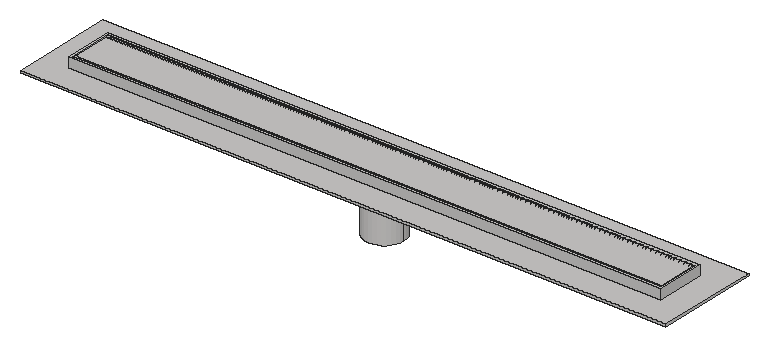
Revit family "Drain_Linear-Whitehall-BestCare-WHLD_Series", category Plumbing Fixtures, host Face, Revit 2019
Family settings
  Host = Face
  Round Connector Dimension = Use Diameter
  Part Type = Normal
  OmniClass Number = 23.70.50.21.24
  OmniClass Title = Waste Water Drains
  Cut with Voids When Loaded = No
  Shared = Yes
  Room Calculation Point = No
Parameters (values of type "WHLD-30-F")
  Width = 5 1/4"  # constant formula
  Waste Connection = yes
  WFU = 0  # constant formula
  Vent Connection = no
  URL = "https://www.whitehallmfg.com/home"
  Type Comments = ""
  Revised Date = "06/27/2023"  # constant formula
  Product Page URL = "https://www.whitehallmfg.com/whld-ligature-resistant-linear-drains"
  Product Documentation Link = "https://www.whitehallmfg.com/uploads/fileLibrary/WHLD.pdf"
  Model = "WHLD-30-F"
  Material = "Stainless Steel-Whitehall-#4 Satin"  # constant formula
  Manufacturer = "Whitehall Manufacturing"  # constant formula
  Length = 30"
  Installation Type = "Floor Mounted"  # constant formula
  Finish = Stainless Steel-Whitehall-#4 Satin
  Extention = Length / 2  # 15"
  HWFU = 0  # constant formula
  HW Connection = no
  Description = "BestCare® Ligature-Resistant Linear Drain with Flashing Flange"  # constant formula
  Depth = 1 1/2"  # constant formula
  Default Elevation = 0"
  Creation Date = "07/07/2020"  # constant formula
  Connection Size = 2"  # constant formula
  CWFU = 0  # constant formula
  CW Connection = no
  Assembly Code = "D2030300"
  -F Flashing Flange = yes
Types (7): name | Model | Length | Extention
  (no name) | "WHLD-30-F" | 30" | 15"
  WHLD-12-F | "WHLD-12-F" | 12" | 6"
  WHLD-24-F | "WHLD-24-F" | 24" | 12"
  WHLD-36-F | "WHLD-36-F" | 36" | 18"
  WHLD-48-F | "WHLD-48-F" | 48" | 24"
  WHLD-60-F | "WHLD-60-F" | 60" | 30"
  WHLD-30-F | "WHLD-30-F" | 30" | 15"
Reference planes (in)
  plane 1 "Center (Front/Back)": y = 0
  plane 2: z = 0
  plane 3 "Center (Left/Right)": x = 0
  plane 4: x = -15.03125
  plane 5: x = 15.03125
  plane 6: y = 2.625
  plane 7: y = -2.625
  plane 8: x = -16.53125
  plane 9: x = 16.53125
  plane 10: y = 1.125
  plane 11: y = -1.125
  plane 12: z = -0.5
  plane 13: z = -0.625
  plane 14: z = -3.3125
  plane 15: z = -1.5
  plane 16: x = 15
  plane 17: x = -15
  plane 18 "Top": z = 0.00049
  plane 19: y = 1.0625
Forms (in)
  Extrusion 1, solid, material "Stainless Steel-Whitehall-#4 Satin" <- "Finish"
    sketch origin (0, 0, 0) x (1, 0, 0) y (0, 1, 0)
      loop
        line (-16.53125, 2.625) -> (-16.53125, -2.625) -> (16.53125, -2.625) -> (16.53125, 2.625) -> (-16.53125, 2.625)
      loop
        line (-15.03125, 1.125) -> (-15.03125, -1.125) -> (15.03125, -1.125) -> (15.03125, 1.125) -> (-15.03125, 1.125)
    from -0.625 to -0.5
  Extrusion 2, solid, material "Stainless Steel-Whitehall-#4 Satin" <- "Finish"
    sketch origin (0, 0, 0) x (1, 0, 0) y (0, 1, 0)
      loop
        line (-15.03125, 1.125) -> (-15.03125, -1.125) -> (15.03125, -1.125) -> (15.03125, 1.125) -> (-15.03125, 1.125)
      loop
        line (15.15625, -1.25) -> (15.15625, 1.25) -> (-15.15625, 1.25) -> (-15.15625, -1.25) -> (15.15625, -1.25)
    from -0.625 to 0.00049
  Extrusion 3, solid, material "Stainless Steel-Whitehall-#4 Satin" <- "Finish"
    sketch origin (0, 0, 0) x (0, 1, 0) y (0, 0, 1)
      loop
        line (0, -1.4375) -> (-1.125, -1.33908) -> (-1.125, -0.625) -> (-1.1875, -0.625) -> (-1.1875, -1.39635) -> (0, -1.50024) -> (1.1875, -1.39635) -> (1.1875, -0.625) -> (1.125, -0.625) -> (1.125, -1.33908) -> (0, -1.4375)
    from -15.03125 to 15.03125
  Extrusion 4, solid, material "Stainless Steel-Whitehall-#4 Satin" <- "Finish"
    sketch origin (0, 0, 0) x (0, 1, 0) y (0, 0, 1)
      loop
        line (1.1875, -0.625) -> (-1.1875, -0.625) -> (-1.1875, -1.39635) -> (0, -1.50024) -> (1.1875, -1.39635) -> (1.1875, -0.625)
    from -15.15625 to -15.03125
  Extrusion 5, solid, material "Stainless Steel-Whitehall-#4 Satin" <- "Finish"
    sketch origin (-2, 0, 0) x (0, 1, 0) y (0, 0, 1)
      loop
        line (1.1875, -0.625) -> (-1.1875, -0.625) -> (-1.1875, -1.39635) -> (0, -1.50024) -> (1.1875, -1.39635) -> (1.1875, -0.625)
    from 17.03125 to 17.15625
  Extrusion 6, solid, material "Stainless Steel-Whitehall-#4 Satin" <- "Finish"
    sketch origin (0, 0, 0) x (0, 1, 0) y (0, 0, 1)
      loop
        line (1.036, -0.5) -> (1.09908, -0.0872)
        arc (1.09908, -0.0872) -> (1.08166, -0.0264) -> (1.02419, 0) r 0.07576
        line (1.02419, 0) -> (-1.02419, 0)
        arc (-1.02419, 0) -> (-1.08166, -0.0264) -> (-1.09908, -0.0872) r 0.07576
        line (-1.09908, -0.0872) -> (-1.036, -0.5) -> (-0.98305, -0.5) -> (-1.04464, -0.09694)
        arc (-1.04464, -0.09694) -> (-1.03776, -0.07293) -> (-1.01506, -0.0625) r 0.02992
        line (-1.01506, -0.0625) -> (1.01506, -0.0625)
        arc (1.01506, -0.0625) -> (1.03776, -0.07293) -> (1.04464, -0.09694) r 0.02992
        line (1.04464, -0.09694) -> (0.98305, -0.5) -> (1.036, -0.5)
    from -15 to 15
  Revolve 7, solid, material "Stainless Steel-Whitehall-#4 Satin" <- "Finish"
    sketch origin (0, 0, 0) x (1, 0, 0) y (0, 0, 1)
      loop
        line (0, -1.39635) -> (0, -3.3125) -> (1, -3.3125) -> (1, -1.39635) -> (0, -1.39635)
      axis (0, -1.39635) -> (0, -3.3125)
    angle from 0 to 360
  Extrusion 8, void
    sketch origin (0, 0, 0) x (1, 0, 0) y (0, 1, 0)
      loop
        line (15.15625, 1.25) -> (-15.15625, 1.25) -> (-15.15625, -1.25) -> (15.15625, -1.25) -> (15.15625, 1.25)
    from -0.5 to 0.00049
Cuts and joins
  Extrusion 8 cuts Extrusion 1
  Extrusion 8 cuts Extrusion 3
  Extrusion 8 cuts Extrusion 4
  Extrusion 8 cuts Extrusion 5
  joined: Extrusion 1, Extrusion 2, Extrusion 3, Extrusion 4, Extrusion 5, Extrusion 6
Lines and regions (in)
  Masking region 1
    outline origin (0, 0, 0.00049) x (0, 1, 0) y (-1, 0, 0)
      loop
        line (1.25, -15.15625) -> (1.25, 15.15625) -> (-1.25, 15.15625) -> (-1.25, -15.15625) -> (1.25, -15.15625)
  symbolic lines, detail levels fine
    curve 1: line (-15.03125, 1.125, 0.00049) -> (15.03125, 1.125, 0.00049)
    curve 2: line (15.03125, 1.125, 0.00049) -> (15.03125, -1.125, 0.00049)
    curve 3: line (15.03125, -1.125, 0.00049) -> (-15.03125, -1.125, 0.00049)
    curve 4: line (-15.03125, -1.125, 0.00049) -> (-15.03125, 1.125, 0.00049)
  symbolic lines, detail levels medium+fine
    curve 5: line (-15, 1.09995, 0.00049) -> (-15, -1.09908, 0.00049)
    curve 6: line (-15, 1.09995, 0.00049) -> (15, 1.09995, 0.00049)
    curve 7: line (15, 1.09995, 0.00049) -> (15, -1.09908, 0.00049)
    curve 8: line (-15.15625, -1.25, 0) -> (15.15625, -1.25, 0)
    curve 9: line (15, -1.09908, 0.00049) -> (-15, -1.09908, 0.00049)
Dimensions and locks (in)
  equal spacing: plane 4, plane 3 "Center (Left/Right)", plane 5
  equal spacing: plane 7, plane 1 "Center (Front/Back)", plane 6
  "Width": plane 7 to plane 6
  locked: plane 11 to plane 10 at 2.25
  equal spacing: plane 11, plane 1 "Center (Front/Back)", plane 10
  plane 10 to plane 6 = 1 1/2"
  plane 7 to plane 11 = 1 1/2"
  locked: plane 8 to plane 4 at 1.5
  locked: plane 5 to plane 9 at 1.5
  locked: level to plane 12 at 0.5
  locked: plane 12 to plane 13 at 0.125
  locked: Extrusion 2 sketch curve to Extrusion 2 sketch curve at 0.125  (x4)
  plane 10 to Extrusion 6 sketch curve to Extrusion 6 sketch curve = 0.089" locked, 0.05295" locked
  Extrusion 6 sketch curve to Extrusion 6 sketch curve to plane 11 = 0.05295" locked, 0.089" locked
  locked: Extrusion 6 sketch curve to Extrusion 6 sketch curve at 0.0625
  locked: plane 4 to plane 17 at 0.03125
  locked: plane 16 to plane 5 at 0.03125
  "Depth": level to plane 15
  plane 13 to plane 15 = 7/8"
  plane 12 to plane 14 = 2 13/16"  (x2)
  locked: Revolve 7 sketch curve to Revolve 7 sketch curve at 1
  "Extention": plane 17 to plane 3 "Center (Left/Right)"
  plane 18 "Top" to plane 12 = 0.50049"
  plane 10 to cut or joined group of Extrusion 1, Extrusion 2, Extrusion 3, Extrusion 4, Extrusion 5, Extrusion 6, Extrusion 8 = 1/8"
  host face to plane 12 = 1/2"
  plane 11 to plane 10 = 2 1/4"
  plane 19 to plane 10 = 1/16"
  aligned and locked: plane 2 to host face
  aligned and locked: level to host face
  aligned and locked: plane 6 to Extrusion 1 sketch curve
  aligned and locked: plane 8 to Extrusion 1 sketch curve
  aligned and locked: Extrusion 1 sketch curve to plane 7
  aligned and locked: Extrusion 1 sketch curve to plane 9
  aligned and locked: plane 10 to Extrusion 1 sketch curve
  aligned and locked: plane 4 to Extrusion 1 sketch curve
  aligned and locked: Extrusion 1 sketch curve to plane 11
  aligned and locked: Extrusion 1 sketch curve to plane 5
  aligned and locked: Extrusion 1 to plane 13
  aligned and locked: plane 12 to Extrusion 1
  aligned and locked: Extrusion 2 sketch curve to plane 4
  aligned and locked: Extrusion 2 sketch curve to plane 10
  aligned and locked: Extrusion 2 sketch curve to plane 5
  aligned and locked: Extrusion 2 sketch curve to plane 11
  aligned and locked: Extrusion 1 to Extrusion 2
  aligned and locked: plane 13 to Extrusion 3 sketch curve  (x2)
  aligned and locked: plane 5 to Extrusion 3
  aligned and locked: Extrusion 3 to plane 4
  aligned and locked: Extrusion 2 to Extrusion 4
  aligned and locked: plane 4 to Extrusion 4
  aligned and locked: Extrusion 5 to plane 5
  aligned and locked: Extrusion 2 to Extrusion 5
  aligned and locked: Extrusion 6 sketch curve to plane 12
  aligned and locked: plane 16 to Extrusion 6
  aligned and locked: Extrusion 6 to plane 17
  aligned and locked: Revolve 7 sketch curve to plane 3 "Center (Left/Right)"  (x2)
  aligned and locked: Revolve 7 sketch curve to plane 14
  aligned and locked: cut or joined group of Extrusion 1, Extrusion 2, Extrusion 3, Extrusion 4, Extrusion 5, Extrusion 6, Extrusion 8 to Revolve 7 sketch curve
  aligned and locked: Extrusion 8 sketch curve to cut or joined group of Extrusion 1, Extrusion 2, Extrusion 3, Extrusion 4, Extrusion 5, Extrusion 6, Extrusion 8  (x4)
  aligned and locked: Extrusion 8 to Extrusion 1
  aligned and locked: plane 18 "Top" to Extrusion 8
  aligned and locked: Masking region 1 sketch curve to cut or joined group of Extrusion 1, Extrusion 2, Extrusion 3, Extrusion 4, Extrusion 5, Extrusion 6, Extrusion 8  (x3)
  aligned and locked: curve 1 to cut or joined group of Extrusion 1, Extrusion 2, Extrusion 3, Extrusion 4, Extrusion 5, Extrusion 6, Extrusion 8
  aligned and locked: curve 2 to cut or joined group of Extrusion 1, Extrusion 2, Extrusion 3, Extrusion 4, Extrusion 5, Extrusion 6, Extrusion 8
  aligned and locked: curve 3 to cut or joined group of Extrusion 1, Extrusion 2, Extrusion 3, Extrusion 4, Extrusion 5, Extrusion 6, Extrusion 8
  aligned and locked: curve 4 to cut or joined group of Extrusion 1, Extrusion 2, Extrusion 3, Extrusion 4, Extrusion 5, Extrusion 6, Extrusion 8
  aligned and locked: curve 5 to cut or joined group of Extrusion 1, Extrusion 2, Extrusion 3, Extrusion 4, Extrusion 5, Extrusion 6, Extrusion 8
  aligned and locked: curve 7 to plane 16
  aligned and locked: curve 8 to cut or joined group of Extrusion 1, Extrusion 2, Extrusion 3, Extrusion 4, Extrusion 5, Extrusion 6, Extrusion 8
  aligned and locked: plane 18 "Top" to Extrusion 2
Automatic sketch dimensions
  host sketch curve to host sketch curve = 96"  (x2)
  Extrusion 3 sketch curve to plane 11 = 0"
  Extrusion 3 sketch curve to plane 1 "Center (Front/Back)" = 0"  (x2)
  Extrusion 3 sketch curve to plane 10 = 0"
  plane 11 to Extrusion 3 sketch curve = 1/16"
  Extrusion 3 sketch curve to plane 10 = 1/16"
  plane 15 to Extrusion 3 sketch curve = 0.16092"  (x2)
  Extrusion 3 sketch curve to Extrusion 3 sketch curve = 0.05727"  (x2)
  plane 15 to Extrusion 3 sketch curve = 1/16"
  Extrusion 3 sketch curve to plane 15 = 0.00024"
  Extrusion 4 sketch curve to plane 13 = 0"
  Extrusion 4 sketch curve to plane 1 "Center (Front/Back)" = 0"
  plane 11 to Extrusion 4 sketch curve = 1/16"
  Extrusion 4 sketch curve to plane 10 = 1/16"
  plane 15 to Extrusion 4 sketch curve = 0.10365"  (x2)
  Extrusion 4 sketch curve to plane 15 = 0.00024"
  Extrusion 5 sketch curve to plane 13 = 0"
  Extrusion 5 sketch curve to plane 1 "Center (Front/Back)" = 0"
  plane 11 to Extrusion 5 sketch curve = 1/16"
  Extrusion 5 sketch curve to plane 10 = 1/16"
  plane 15 to Extrusion 5 sketch curve = 0.10365"  (x2)
  Extrusion 5 sketch curve to plane 15 = 0.00024"
  Extrusion 6 sketch curve to level = 0"
  Extrusion 6 sketch curve to plane 12 = 0"
  Extrusion 6 sketch curve to plane 11 = 0.02592"
  Extrusion 6 sketch curve to Extrusion 6 sketch curve = 0.02045"  (x2)
  Extrusion 6 sketch curve to Extrusion 6 sketch curve = 0.00913"  (x2)
  plane 10 to Extrusion 6 sketch curve = 0.10994"
  plane 10 to Extrusion 6 sketch curve = 0.02592"
  Extrusion 6 sketch curve to Extrusion 6 sketch curve = 0.03444"  (x2)
  Extrusion 6 sketch curve to Extrusion 6 sketch curve = 0.00974"
  Extrusion 6 sketch curve to Extrusion 6 sketch curve = 0.0247"
  Extrusion 6 sketch curve to Extrusion 6 sketch curve = 0.01666"
  Revolve 7 sketch curve to plane 14 = 0.17751"
  Revolve 7 sketch curve to Revolve 7 sketch curve = 0.13434"
  curve 8 to plane 4 = 1/8"
  plane 5 to curve 8 = 1/8"
  plane 11 to curve 8 = 1/8"
  plane 11 to curve 4 = 0"
  curve 2 to plane 5 = 0"
  curve 6 to plane 17 = 0"
  plane 10 to curve 2 = 0"
  curve 3 to plane 4 = 0"
  curve 9 to plane 11 = 0.02592"
  plane 10 to curve 7 = 0.02505"
  plane 5 to Masking region 1 sketch curve = 1/8"
Connectors (in)
  piping at (0, 0, -3.3125), diameter 2, driven by "WFU", driven by "Connection Size"
    settings: on Revolve 7, index 1, connector inside diameter 24", connector length 0", flow factor 0, pipe flow 0 GPM, pressure drop 0.00 psi, fitting loss kfactor 0, connector angle 0.00°, fixture units 0, engagement length 0", angle of deflection 0.00°, flow configuration 0, flow direction 2, fitting loss method 0, system type 16, joint type 0, gender type 0, connector reference index -1, connector utility 0, adjustable connector no, is connector primary yes, connector description "2\" No-Hub Outlet Connection"
